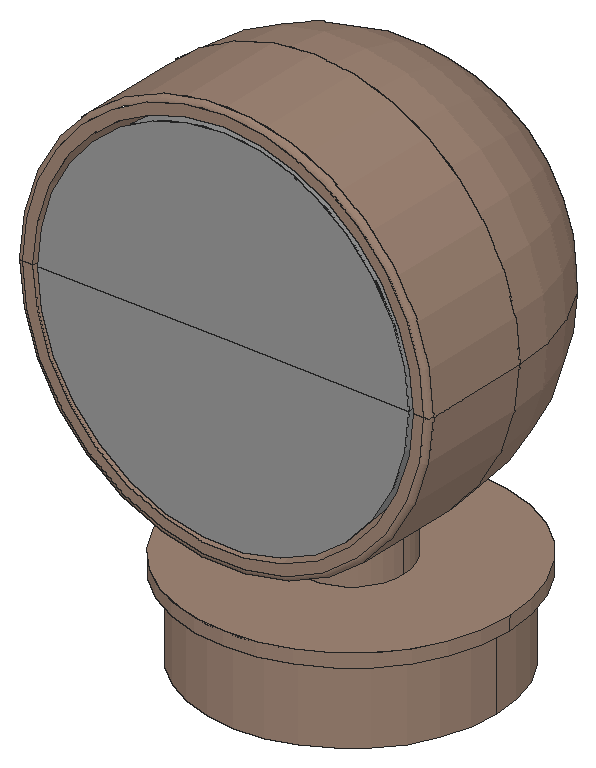
Revit family "Lighting_Outside_Zero_Plant-Wall", category Lighting Fixtures, host Face, Revit 2020
Family settings
  Host = Face
  Round Connector Dimension = Use Diameter
  Part Type = Normal
  OmniClass Number = 23.80.70.00
  OmniClass Title = Lighting
  Cut with Voids When Loaded = No
  Light Source = Yes
  Shared = No
  Room Calculation Point = No
Parameters (values of type "Plant wall, round - 12032147-30")
  Wattage = 10 W
  WarrantyStartDate [instance] = "n/a"
  WarrantyGuarantorParts = "n/a"
  WarrantyGuarantorLabor = "n/a"
  WarrantyDurationUnit = "Year"
  WarrantyDurationParts = "n/a"
  WarrantyDurationLabor = "n/a"
  WarrantyDescription = "n/a"
  built-in parameter 1150110 = 1 (stored number, unit not read)
  VersionDate = "31/08/2023"  # constant formula
  Version = "3"  # constant formula
  UsageCurrent = 0 A
  Uniclass2015Reference = "Pr_70_70_49_86"
  Uniclass2015Description = "Suspended luminaires"
  Uniclass2 = "Pr_70_70_49_86"
  URL = "https://www.zerolighting.com/plant-wall-utomva"
  TotalWattage = 10 W
  built-in parameter 1114217 = 1 (stored number, unit not read)
  Tilt Angle = 90.00°
  built-in parameter 1150109 = 1 (stored number, unit not read)
  built-in parameter 1150134 = 3
  TagNumber [instance] = "n/a"
  SustainabilityPerformance = "n/a"
  built-in parameter 1150113 = 1 (stored number, unit not read)
  built-in parameter 1010507 = 1.5708 (stored number, unit not read)
  built-in parameter 1010506 = 0.5236 (stored number, unit not read)
  Size = "120x156x211 mm"
  Shape = "Sculptured"
  SerialNumber [instance] = "n/a"
  Revision = "2"  # constant formula
  ReplacementCost = "n/a"
  ProductInformation = "PLANT wall fixture is inspired by outdoor plants. It comes in three differently shaped shades. Use just one type or mix them up. Made of impact-resistant material. Available in black or corten finish."
  ProductDatasheet = ""
  PhaseReference = "n/a"
  PhaseAngle = 0.00°
  Part = plant-wall_round : plant-wall_round
  NumberOfSources = 0
  NumberOfPoles = 1
  NominalWidth = NominalLength  # 120.032 mm
  NominalVoltageCalc = 0 V
  NominalVoltage = 230 V
  NominalRadius = NominalDiameter / 2  # 78.015 mm
  NominalLength = 120.032 mm
  NominalHeight = 211 mm
  NominalFrequencyRange = 50 Hz
  NominalDiameter = 156.029 mm
  NominalCurrent = 0 A
  Name = "Plant-Wall"
  NBSReference = "90-60-50/405"
  NBSDescription = "General purpose luminaires"
  ModelReference = "n/a"
  ModelNumber = "12032147-30"
  Model = "Plant wall, round - 12032147-30"
  Material = "Metal and glass"
  ManufacturersSpecificInformation = "n/a"
  ManufacturerURL = "https://www.zerolighting.com/"
  ManufacturerName = "Zero"
  Manufacturer = "Zero"
  MaintenanceFactor = 0
  built-in parameter 1150105 = 27484.1 (stored number, unit not read)
  Lumens = 8220 lm
  built-in parameter 1150115 = 1 (stored number, unit not read)
  LightFixtureSecondaryMaterial [instance] = Glass
  LightFixturePlacingType = "Wall"
  LightFixtureMountingType = "Suspended"
  LightFixtureMainMaterial = Corten
  Light Source Symbol Length = 500 mm
  built-in parameter 1150137 = (empty or 0)
  built-in parameter 1150139 = (empty or 0)
  built-in parameter 1150112 = 1 (stored number, unit not read)
  built-in parameter 1150114 = 1 (stored number, unit not read)
  InsulationStandardClass = "n/a"
  InstallationDate [instance] = "n/a"
  built-in parameter 1150132 = (empty or 0)
  built-in parameter 1150102 = (empty or 0)
  built-in parameter 1150107 = 3200 (stored number, unit not read)
  built-in parameter 1150138 = (empty or 0)
  built-in parameter 1150106 = 274.84 (stored number, unit not read)
  IfcExportType = "NOTDEFINED"  # constant formula
  IfcExportAs = "IfcLightFixtureType"  # constant formula
  IP_Code = "IP 44"
  HasProtectiveEarth = yes
  Grade = "n/a"
  Finish = "Aluminum and metal painted black RAL 9005 or corten finish. Diffuser in tempered glass Other colours on request. IK 7."
  Features = "n/a"
  ExpectedLife = "n/a"
  ElectricalDeviceNominalPower = 0
  built-in parameter 1150104 = 76.366 (stored number, unit not read)
  DurationUnit = "Year"
  Dimming Lamp Color Temperature Shift = <None>
  Designer = "Thomas Bernstrand"
  Description = "PLANT wall fixture is inspired by outdoor plants. It comes in three differently shaped shades. Use just one type or mix them up. Made of impact-resistant material. Available in black or corten finish."
  Default Elevation = 0 mm
  Constituents = "n/a"
  Color Filter = 16777215
  Color = "Black"
  Collection = "Plant"
  CodePerformance = "n/a"
  Category = "Wall"
  Brand = "Zero"
  Barcode [instance] = "n/a"
  built-in parameter 1114218 = 1 (stored number, unit not read)
  BIMObjectName = "Lighting_Outside_Zero_Plant-Wall"  # constant formula
  Author = "BIMStone"  # constant formula
  built-in parameter 1150133 = 10 (stored number, unit not read)
  AssetType = "Fixed"
  AssetIdentifier [instance] = "n/a"
  ArticleNumber = "12032147-30"
  AccessibilityPerformance = "n/a"
Types (5, lengths in mm): name | Part | NominalWidth | NominalRadius | NominalLength | NominalDiameter | ModelNumber | Model | LightFixtureMainMaterial | ArticleNumber
  (no name) | plant-wall_round : plant-wall_round | 120.032 | 78.015 | 120.032 | 156.029 | "12032147-30" | "Plant wall, round - 12032147-30" | Corten | "12032147-30"
  Plant wall, large - 12031106-30 | plant-wall_large : plant-wall_large | 124.018 | 78.521 | 124.018 | 157.041 | "12031106-30" | "Plant wall, large - 12031106-30" | Corten | "12031106-30"
  Plant wall, large - 12031147-30 | plant-wall_large : plant-wall_large | 124.018 | 78.521 | 124.018 | 157.041 | "12031147-30" | "Plant wall, large - 12031147-30" | Black RAL 9005 | "12031147-30"
  Plant wall, round - 12032106-30 | plant-wall_round : plant-wall_round | 120.032 | 78.015 | 120.032 | 156.029 | "12032106-30" | "Plant wall, round - 12032106-30" | Corten | "12032106-30"
  Plant wall, round - 12032147-30 | plant-wall_round : plant-wall_round | 120.032 | 78.015 | 120.032 | 156.029 | "12032147-30" | "Plant wall, round - 12032147-30" | Corten | "12032147-30"
Reference planes
  plane 1 "Center (Front/Back)": y = 0
  plane 2: z = 0
  plane 3 "Center (Left/Right)": x = 0
  plane 4: x = -78.015
  plane 5: x = 78.015
  plane 6: y = 60.016
  plane 7: y = -60.016
  plane 8: z = 211
Dimensions and locks
  equal spacing: plane 4, plane 3 "Center (Left/Right)", plane 5
  "NominalDiameter": plane 4 to plane 5
  equal spacing: plane 6, plane 1 "Center (Front/Back)", plane 7
  "NominalLength": plane 6 to plane 7
  "NominalHeight": plane 8 to host face
  aligned and locked: plane 2 to host face
  aligned and locked: level to host face
Automatic sketch dimensions
  host sketch curve to host sketch curve = 2438.4 mm  (x2)
Nested families
  nested 1: "plant-wall_round" at (-512.158, 0, 0) x (0, -1, 0) z (1, 0, 0), type <- "Part", Body <- "LightFixtureMainMaterial", Glass <- "LightFixtureSecondaryMaterial", type "plant-wall_round"
    with Glass Glass, Body Corten
Connectors
  electrical at (0, 0, 0)
    settings: on host face, index 1, voltage 0 V, apparent load 0 VA, apparent load phase1 0 VA, apparent load phase2 0 VA, apparent load phase3 0 VA, power factor 1, load classification "Other", number of poles 1, system type 14, power factor state 1, is connector primary yes, connector utility no, sub classification motor no, connector description ""
Definition of nested family "plant-wall_round"
  Parameters (values of type "plant-wall_round")
    Glass [instance] = none
    Default Elevation = 1219.2 mm
    Body [instance] = none
  Reference planes
    plane 1 "Center (Front/Back)": y = 0
    plane 2: z = 0
    plane 3 "Center (Left/Right)": x = 0
    plane 4: y = -35
    plane 5: y = -30
    plane 6: y = -211
  Forms (mm)
    Extrusion 1, solid, material <- "Body", detail levels medium+fine
      sketch origin (512.143, 0, 512.143) x (0, 0, 1) y (-1, 0, 0)
        loop
          circle (0, 512.128) r 55
      from 0 to 30
    Extrusion 2, solid, material <- "Body", detail levels medium+fine
      sketch origin (512.143, 0, 512.143) x (0, 0, 1) y (-1, 0, 0)
        loop
          circle (0, 512.128) r 60
      from 30 to 35
    Extrusion 3, solid, material <- "Body", detail levels medium+fine
      sketch origin (512.143, 0, 512.143) x (0, 0, 1) y (-1, 0, 0)
        loop
          circle (0, 512.128) r 20
      from 35 to 68.089
    Revolve 4, solid, material <- "Body", detail levels medium+fine
      sketch origin (952.016, -133.5, 512.143) x (0, 0, 1) y (-1, 0, 0)
        loop
          line (-71.592, 892) -> (-68.205, 927) -> (0, 927) -> (0, 1012.022)
          arc (0, 1012.022) -> (-54.801, 989.322) -> (-77.5, 934.522) r 77.5
          line (-77.5, 934.522) -> (-77.5, 893.975)
          arc (-77.5, 893.975) -> (-76.921, 892.579) -> (-75.525, 892) r 1.975
          line (-75.525, 892) -> (-71.592, 892)
        axis (0, 1012.022) -> (0, 892)
      angle from 0 to 360
    Revolve 5, solid, material <- "Glass", detail levels medium+fine
      sketch origin (952.016, -133.5, 512.143) x (0, 0, 1) y (-1, 0, 0)
        loop
          line (-69.713, 892) -> (0, 892) -> (0, 927) -> (-66.035, 927) -> (-69.713, 892)
        axis (0, 927) -> (0, 892)
      angle from 0 to 360
    Extrusion 6, solid, material <- "Body", detail levels coarse
      sketch origin (512.143, 0, 512.143) x (0, 0, 1) y (0, 1, 0)
        loop
          line (-78, -211) -> (0, -211) -> (78, -211) -> (78, 0) -> (0, 0) -> (-78, 0) -> (-78, -211)
      from 452.127 to 572.159
  Lines and regions (mm)
    symbolic lines, detail levels fine
      curve 1: line (0, -63.171, 532.143) -> (0, -58.712, 532.143)
      curve 12: line (0, -35, 492.143) -> (0, -35, 532.143)
      curve 13: line (0, -30, 567.128) -> (0, -30, 457.128)
      curve 20: line (-55, -30, 0) -> (0, -30, 0)
      curve 21: line (-20.027, -35, 0) -> (0, -35, 0)
      curve 28: line (55, -30, 0) -> (0, -30, 0)
      curve 29: line (20.027, -35, 0) -> (0, -35, 0)
      curve 39: line (0, -58.712, 492.143) -> (0, -63.171, 492.143)
      curve 40: arc (0, -63.171, 492.143) -> (0, -65.799, 512.143) -> (0, -63.171, 532.143) r 77.416
      curve 48: line (-20.027, -65.638, 0) -> (20.027, -55.996, 0)
    symbolic lines, detail levels medium+fine
      curve 2: line (0, -35, 532.143) -> (0, -35, 572.128)
      curve 3: line (0, -35, 572.128) -> (0, -30, 572.128)
      curve 4: line (0, -30, 572.128) -> (0, -30, 567.128)
      curve 5: line (0, -30, 567.128) -> (0, 0, 567.128)
      curve 6: line (0, 0, 567.128) -> (0, 0, 457.128)
      curve 7: line (0, 0, 457.128) -> (0, -30, 457.128)
      curve 8: line (0, -30, 457.128) -> (0, -30, 452.128)
      curve 9: line (0, -30, 452.128) -> (0, -35, 452.128)
      curve 10: line (0, -35, 452.128) -> (0, -35, 492.143)
      curve 11: line (0, -35, 492.143) -> (0, -58.712, 492.143)
      curve 14: line (0, 0, 0) -> (-55, 0, 0)
      curve 15: line (-55, 0, 0) -> (-55, -30, 0)
      curve 16: line (-55, -30, 0) -> (-60, -30, 0)
      curve 17: line (-60, -30, 0) -> (-60, -35, 0)
      curve 18: line (-60, -35, 0) -> (-20.027, -35, 0)
      curve 19: line (-20.027, -65.638, 0) -> (-20.027, -35, 0)
      curve 22: line (0, 0, 0) -> (55, 0, 0)
      curve 23: line (55, 0, 0) -> (55, -30, 0)
      curve 24: line (55, -30, 0) -> (60, -30, 0)
      curve 25: line (60, -30, 0) -> (60, -35, 0)
      curve 26: line (60, -35, 0) -> (20.027, -35, 0)
      curve 27: line (20.027, -55.996, 0) -> (20.027, -35, 0)
      curve 30: line (58.041, 0, 434.643) -> (17.484, 0, 434.643)
      curve 31: line (60.016, 0, 512.143) -> (60.016, 0, 437.143)
      curve 32: arc (60.016, 0, 437.143) -> (59.463, 0, 435.55) -> (58.041, 0, 434.643) r 2.57
      curve 33: line (58.041, 0, 589.643) -> (17.484, 0, 589.643)
      curve 34: line (60.016, 0, 512.143) -> (60.016, 0, 587.143)
      curve 35: arc (60.016, 0, 587.143) -> (59.463, 0, 588.736) -> (58.041, 0, 589.643) r 2.57
      curve 36: arc (17.484, 0, 434.643) -> (-60.016, 0, 512.143) -> (17.484, 0, 589.643) r 77.5
      curve 37: arc (0, -58.712, 532.143) -> (0, -210.916, 512.143) -> (0, -58.712, 492.143) r 77.416
      curve 38: line (0, -58.712, 532.143) -> (0, -35, 532.143)
      curve 41: arc (-20.027, -65.638, 0) -> (-49.305, -94.351, 0) -> (-60.047, -133.928, 0) r 78.274
      curve 42: arc (-60.047, -133.928, 0) -> (-38.343, -187.559, 0) -> (14.553, -211, 0) r 77.113
      curve 43: line (14.553, -211, 0) -> (58.032, -211, 0)
      curve 44: line (60.016, -209.016, 0) -> (60.016, -58.001, 0)
      curve 45: arc (58.032, -211, 0) -> (59.435, -210.419, 0) -> (60.016, -209.016, 0) r 1.984
      curve 46: line (58.012, -55.996, 0) -> (20.027, -55.996, 0)
      curve 47: arc (60.016, -58.001, 0) -> (59.429, -56.583, 0) -> (58.012, -55.996, 0) r 2.005
  Dimensions and locks
    aligned and locked: level to plane 2
